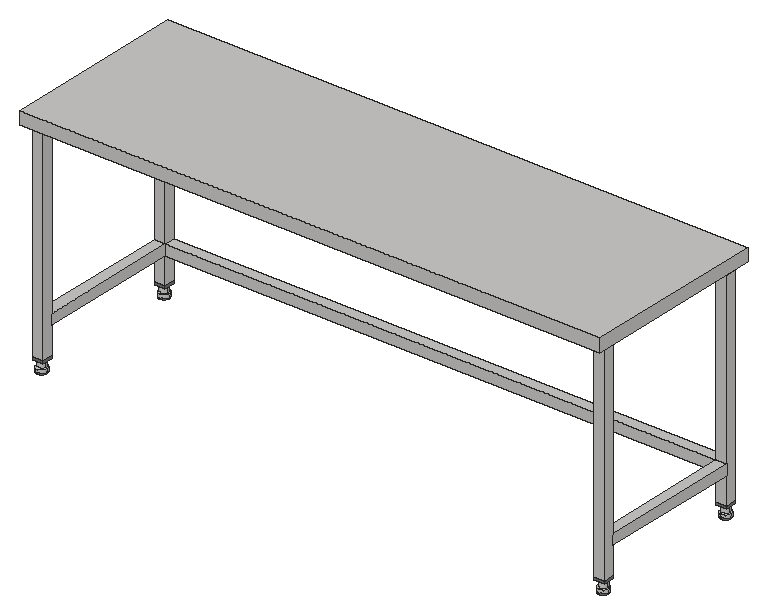
Revit family "QF_ELECTROLUXPROFESSIONAL_133224_TG2200N", category Attrezzature speciali, Revit 2020
Family settings
  Quota connettore circolare = Usa diametro
  Tipo di parte = Normale
  Basato su piano di lavoro = No
  Sempre verticale = Sì
  Taglio con vuoti quando caricato = No
  Condiviso = No
  Punto di calcolo locali = No
Parameters (values of type "Standard")
  Weight = 77.00 kg
  Watts = 0 W
  Volts = 0 V
  URL Manufacturer = "https://www.electroluxprofessional.com/"
  URL = "https://www.electroluxprofessional.com/"
  Steam Supply Size = 0 mm
  Steam Supply Minimum Pressure = 0.0 Pa
  Steam Supply Maximum Pressure = 0.0 Pa
  Steam Consumption per Hour = 0
  Refrigeration Suction Line Size = 0.0 mm
  Refrigeration Liquid Line Size = 0.0 mm
  Refrigerant Compressor Remote = yes
  Prospetto di default = 0.0 mm
  Produttore = "Electrolux Professional"
  Phase = 0
  Modello = "TG2200N"
  Length Actual = 2200.0 mm  # constant formula
  Item Number = "133224"
  Hot Water Size = 0 mm
  Height Actual = 900.0 mm  # constant formula
  HP = "0 HP"
  Gas Size = 0 mm
  Gas KW = 0
  Gas Input Pressure = 0 W
  Direct Waste Size = 0 mm
  Descrizione = "WORK TABLE 2200 MM+UNDERFRAME"
  Depth Actual = 700.0 mm  # constant formula
  Cycle = 0 Hz
  Condensate Return Size = 0 mm
  Compressed Air Volume = 0.0 L/s
  Compressed Air Size = 0 mm
  Compressed Air Pressure = 0.0 Pa
  Cold Water Size = 0 mm
  Accessory = yes
Reference planes
  plane 1 "Center (Front/Back)": y = 0
  plane 2: z = 0
  plane 3 "Center (Left/Right)": x = -600
  plane 4 "LEFT": x = -1700
  plane 5 "RIGHT": x = 500
  plane 6 "BACK": y = 350
  plane 7 "FRONT": y = -350
  plane 8 "Base": z = 850
  plane 9 "TOP": z = 900
  plane 10: x = -1664.5
  plane 11: x = 464.5
  plane 12: y = 290
  plane 13: y = -290
Forms (mm)
  Extrusion 1, solid, material "QF_Finishes_Stainless Steel"
    sketch origin (-600, 0, 0) x (0, 1, 0) y (0, 0, 1)
      loop
        line (-350, 850) -> (350, 850) -> (350, 900) -> (-350, 900) -> (-350, 850)
    from 1100 to -1100
  Extrusion 2, solid, material "QF_Finishes_Stainless Steel"
    sketch origin (-600, 0, 0) x (0, 1, 0) y (0, 0, 1)
      loop
        line (270, 195) -> (270, 155) -> (310, 155) -> (310, 195) -> (270, 195)
    from 1044.5 to -1044.5
  Extrusion 3, solid, material "QF_Finishes_Stainless Steel"
    sketch origin (0, 0, 0) x (1, 0, 0) y (0, 0, 1)
      loop
        line (-1644.5, 195) -> (-1684.5, 195) -> (-1684.5, 155) -> (-1644.5, 155) -> (-1644.5, 195)
      loop
        line (484.5, 195) -> (444.5, 195) -> (444.5, 155) -> (484.5, 155) -> (484.5, 195)
    from 270 to -270
Lines and regions (mm)
  symbolic lines
    curve 1: line (500, 350, 900) -> (-1700, 350, 900)
    curve 2: line (-1700, 350, 900) -> (-1700, -350, 900)
    curve 3: line (-1700, -350, 900) -> (500, -350, 900)
    curve 4: line (500, -350, 900) -> (500, 350, 900)
    curve 5: line (500, 337, 900) -> (-1700, 337, 900)
Dimensions and locks
  plane 4 "LEFT" to plane 5 "RIGHT" = 2200.0 mm
  equal spacing: plane 4 "LEFT", plane 3 "Center (Left/Right)", plane 5 "RIGHT"
  plane 4 "LEFT" to plane 10 = 35.5 mm
  plane 11 to plane 5 "RIGHT" = 35.5 mm
  plane 10 to plane 11 = 2129.0 mm
  plane 6 "BACK" to plane 12 = 60.0 mm
  plane 13 to plane 7 "FRONT" = 60.0 mm
  plane 6 "BACK" to plane 7 "FRONT" = 700.0 mm
  plane 12 to plane 13 = 580.0 mm
  equal spacing: plane 6 "BACK", plane 1 "Center (Front/Back)", plane 7 "FRONT"
  locked: plane 9 "TOP" to level at 900
  locked: plane 8 "Base" to level at 850
  aligned and locked: level to plane 2
  aligned and locked: plane 11 to nested 2
  aligned and locked: nested 2 to plane 12
  aligned and locked: plane 10 to nested 1
  aligned and locked: nested 1 to plane 12
  aligned and locked: Extrusion 1 to plane 4 "LEFT"
  aligned and locked: plane 5 "RIGHT" to Extrusion 1
  aligned and locked: curve 2 to plane 4 "LEFT"
  aligned and locked: nested 4 to nested 3
  aligned and locked: plane 10 to nested 4
  aligned and locked: nested 4 to plane 13
  aligned and locked: nested 3 to plane 13
Automatic sketch dimensions
  curve 3 to plane 7 "FRONT" = 0.0 mm
  curve 5 to plane 5 "RIGHT" = 0.0 mm
  curve 4 to plane 6 "BACK" = 0.0 mm
  curve 5 to plane 6 "BACK" = 13.0 mm
  Extrusion 1 sketch curve to plane 7 "FRONT" = 0.0 mm
  Extrusion 1 sketch curve to plane 9 "TOP" = 0.0 mm
  Extrusion 1 sketch curve to plane 8 "Base" = 0.0 mm
  Extrusion 2 sketch curve to plane 12 = 20.0 mm
  plane 12 to Extrusion 2 sketch curve = 20.0 mm
  level to Extrusion 2 sketch curve = 155.0 mm
  Extrusion 2 sketch curve to Extrusion 2 sketch curve = 40.0 mm
  plane 4 "LEFT" to Extrusion 3 sketch curve = 15.5 mm
  plane 10 to Extrusion 3 sketch curve = 20.0 mm
  Extrusion 3 sketch curve to plane 11 = 20.0 mm
  Extrusion 3 sketch curve to plane 5 "RIGHT" = 15.5 mm
  level to Extrusion 3 sketch curve = 155.0 mm  (x2)
  Extrusion 3 sketch curve to Extrusion 3 sketch curve = 40.0 mm  (x2)
  Extrusion 1 sketch curve to plane 6 "BACK" = 0.0 mm
Nested families
  nested 1: "FEET_40x40_APP42" at (-1664.5, 290, 0), type "FEET_40x40_APP42"
  nested 2: "FEET_40x40_APP42" at (464.5, 290, 0), type "FEET_40x40_APP42"
  nested 3: "FEET_40x40_APP42" at (464.5, -290, 0), type "FEET_40x40_APP42"
  nested 4: "FEET_40x40_APP42" at (-1664.5, -290, 0), type "FEET_40x40_APP42"
Definition of nested family "FEET_40x40_APP42"
  Parameters
    Default Elevation = 0.0 mm
    FEET = 850.0 mm
  Reference planes
    plane 1 "Center (Front/Back)": y = 0
    plane 2: z = 0
    plane 3 "Center (Left/Right)": x = 0
    plane 4: z = 850
  Forms (mm)
    Extrusion 1, solid
      sketch origin (0, 0, 0) x (1, 0, 0) y (0, 1, 0)
        loop
          line (-20, -20) -> (20, -20) -> (20, 20) -> (-20, 20) -> (-20, -20)
      from 50 to 845
    Extrusion 2, solid
      sketch origin (0, 0, 0) x (1, 0, 0) y (0, 1, 0)
        loop
          circle (0, 0) r 20
      from 0 to 5
    Extrusion 3, solid
      sketch origin (0, 0, 0) x (1, 0, 0) y (0, 1, 0)
        loop
          line (30, 30) -> (-30, 30) -> (-30, -30) -> (30, -30) -> (30, 30)
      from 845 to 850
    Extrusion 4, solid
      sketch origin (0, 0, 0) x (1, 0, 0) y (0, 1, 0)
        loop
          line (-20, -20) -> (20, -20) -> (20, 20) -> (-20, 20) -> (-20, -20)
      from 50 to 42
    Revolve 5, solid
      sketch origin (0, 0, 0) x (1, 0, 0) y (0, 0, 1)
        loop
          line (0, 42) -> (-15, 42) -> (-15, 20) -> (-20, 15) -> (-20, 5) -> (0, 5) -> (0, 42)
        axis (0, 42) -> (0, 5)
      angle from 0 to 360
  Lines and regions (mm)
    symbolic lines
      curve 1: line (0, -1.503, 0) -> (0, 1.508, 0)
      curve 2: line (1.561, 0, 0) -> (-1.439, 0, 0)
  Dimensions and locks
    "FEET": plane 4 to plane 2
    aligned and locked: level to plane 2
  Automatic sketch dimensions
    plane 1 "Center (Front/Back)" to curve 2 = 0.0 mm
    curve 1 to plane 3 "Center (Left/Right)" = 0.0 mm
    curve 2 to plane 3 "Center (Left/Right)" = 1.439 mm
    plane 3 "Center (Left/Right)" to curve 2 = 1.561 mm
    plane 1 "Center (Front/Back)" to curve 1 = 1.503 mm
    curve 1 to plane 1 "Center (Front/Back)" = 1.508 mm
    Extrusion 1 sketch curve to plane 3 "Center (Left/Right)" = 20.0 mm
    plane 3 "Center (Left/Right)" to Extrusion 1 sketch curve = 20.0 mm
    plane 1 "Center (Front/Back)" to Extrusion 1 sketch curve = 20.0 mm
    Extrusion 1 sketch curve to plane 1 "Center (Front/Back)" = 20.0 mm
    plane 1 "Center (Front/Back)" to Extrusion 2 sketch curve = 0.0 mm
    Extrusion 2 sketch curve to plane 3 "Center (Left/Right)" = 0.0 mm
    Extrusion 3 sketch curve to plane 3 "Center (Left/Right)" = 30.0 mm
    plane 3 "Center (Left/Right)" to Extrusion 3 sketch curve = 30.0 mm
    plane 1 "Center (Front/Back)" to Extrusion 3 sketch curve = 30.0 mm
    Extrusion 3 sketch curve to plane 1 "Center (Front/Back)" = 30.0 mm
    Extrusion 4 sketch curve to plane 3 "Center (Left/Right)" = 20.0 mm
    plane 3 "Center (Left/Right)" to Extrusion 4 sketch curve = 20.0 mm
    plane 1 "Center (Front/Back)" to Extrusion 4 sketch curve = 20.0 mm
    Extrusion 4 sketch curve to plane 1 "Center (Front/Back)" = 20.0 mm
    Revolve 5 sketch curve to plane 3 "Center (Left/Right)" = 0.0 mm  (x2)
    Revolve 5 sketch curve to plane 3 "Center (Left/Right)" = 15.0 mm
    Revolve 5 sketch curve to Revolve 5 sketch curve = 5.0 mm  (x3)
    level to Revolve 5 sketch curve = 5.0 mm
    Revolve 5 sketch curve to Revolve 5 sketch curve = 10.0 mm
    Revolve 5 sketch curve to Revolve 5 sketch curve = 22.0 mm
    Revolve 5 sketch curve to level = 9.561 mm
    radius of Extrusion 2 sketch curve = 20.0 mm
